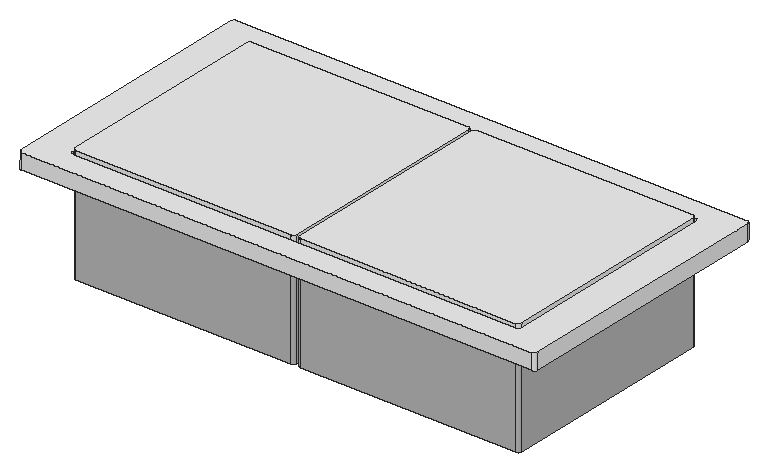
Revit family "Schneider_D-Life_2-elementos", category Electrical Fixtures, host Face, Revit 2015 (continued)
Definition of nested family "Schneider_D-Life_Tecla_Tapa_Tapa-ciega-zumbador"
  Definition of nested family "Schneider_D-Life_Cuerpo-tecla_Tecla-simple_M02"
    Text (mm)
      text "A3D CONSULTING INTEGRATED BIM SOLUTIONS, S.L.\n\nCONTRATO DE LICENCIA DE USUARIO FINAL\n\n\n\n\n\nAVISO A LOS USUARIOS: LEA ATENTAMENTE EL SIGUIENTE CONTRATO ANTES DE CONTINUAR. EL USO DEL CONTENIDO BIM EN FORMATO REVIT QUE SE ACOMPAÑA DEL PRESENTE ACUERDO (\"CONTENIDO BIM A3D CONSULTING\") CONSTITUYE SU ACEPTACIÓN DE ESTOS TÉRMINOS. SI USTED NO ESTÁ DE ACUERDO CON LAS CONDICIONES DE ESTE ACUERDO NO ABRA, ACCEDA DIRECTA O INDIRECTAMENTE, MODIFIQUE,  COPIE NI USE EL CONTENIDO BIM A3D CONSULTING, NI TOTAL NI PARCIALMENTE. EL USO DEL CONTENIDO BIM A3D CONSULTING POR PARTE DEL USUARIO ESTÁ CONDICIONADO AL CUMPLIMIENTO POR EL MISMO DE LOS TÉRMINOS DE ESTE ACUERDO.\n\n\n\n1.\tDEFINICIONES\n\nEste contrato de licencia de usuario final para el Contenido BIM A3D Consulting (“CLUF”) constituye un acuerdo legal entre usted como usuario final (ya sea persona física o entidad legalmente reconocida) (el \"Titular de la licencia\") y A3D CONSULTING INTEGRATED BIM SOLUTIONS, S.L. para el Contenido BIM A3D Consulting que acompaña a este CLUF. El Contenido BIM A3D CONSULTING consiste en uno o varios archivos en formato Autodesk Revit, pudiendo incluir elementos y medios asociados, así como la documentación \"en línea\" o electrónica (\"Contenido BIM A3D Consulting \").\n\n\n\n2.\tCONCESIÓN DE LA LICENCIA\n\nA3D CONSULTING INTEGRATED BIM SOLUTIONS, S.L. le concede una licencia para utilizar y modificar el contenido BIM incluido en una copia de Contenido BIM A3D Consulting.  El \"Titular de la licencia \" designa a la empresa, entidad o persona física, cuyos fondos son utilizados para pagar la cuota de licencia. \"Uso\" designa la copia, el almacenaje, la carga, la instalación o la muestra del Contenido BIM A3D Consulting. En virtud del presente, el Titular de la licencia no puede alquilar, arrendar, ceder, prestar, vender ni sublicenciar el Contenido BIM A3D Consulting a otra persona física, empresa o entidad.\n\n\n\n3.\tPROPIEDAD\n\nA3D CONSULTING INTEGRATED BIM SOLUTIONS, S.L. es el propietario y el titular del copyright del Contenido BIM A3D Consulting. La licencia adquirida no confiere al Titular de la licencia ningún título o propiedad sobre el contenido y no debe interpretarse como una venta de ningún derecho.\n\n\n\n4.\tCOPYRIGHT\n\nEl Contenido BIM A3D Consulting está protegido por las leyes españolas del copyright, las disposiciones de los tratados internacionales y otras leyes aplicables. En virtud del presente, el Titular de la licencia reconoce que no se le transfiere ningún título de la propiedad intelectual de A3D CONSULTING INTEGRATED BIM SOLUTIONS, S.L.. Además, el Titular de la licencia reconoce que el título y todos los derechos de autor sobre el Contenido BIM A3D Consulting seguirán siendo propiedad exclusiva de A3D CONSULTING INTEGRATED BIM SOLUTIONS, S.L. y no adquirirá ningún derecho sobre el Contenido BIM A3D Consulting, a excepción de lo expresamente establecido en esta licencia.\n\n\n\n5.\tRESPONSABILIDAD\n\nEn virtud del presente, el Titular de la licencia acepta que defenderá, indemnizará y eximirá a A3D CONSULTING INTEGRATED BIM SOLUTIONS, S.L. de cualesquiera reclamaciones o responsabilidades derivadas del uso, uso indebido, distribución o ejecución del Contenido BIM A3D Consulting de A3D CONSULTING INTEGRATED BIM SOLUTIONS, S.L., incluyendo las reclamaciones presentadas en contra del Titular de la licencia por el uso de dicho  contenido. Asimismo, el Titular de la licencia acepta eximir de toda responsabilidad y proteger a A3D CONSULTING INTEGRATED BIM SOLUTIONS, S.L. frente a cualquier tipo de demandas civiles, legales o penales. Las cantidades derivadas de dichos procesos, incluyendo resoluciones y costas judiciales, correrán a cargo del Titular de la licencia.\n\n\n\n6.\tGARANTÍA\n\nDurante un periodo de 30 días, a contar a partir de la fecha de entrega del producto, A3D CONSULTING INTEGRATED BIM SOLUTIONS, S.L. garantiza que dicho producto está libre de defectos en los materiales y la mano de obra. En caso de incumplimiento de esta garantía, el Titular de la licencia recibirá como  única compensación el reemplazo del producto. El Contenido BIM A3D Consulting y cualquier documentación relacionada se proporcionan \"tal cual\", sin garantía de ningún tipo, ya sea expresa o implícita, incluyendo, a título enunciativo pero no limitativo, las garantías implícitas o comerciabilidad, la idoneidad para un propósito particular o la inexistencia de infracción. Cualquier riesgo derivado del uso o los resultados del Contenido BIM A3D Consulting correrá a cargo del licenciatario.\n\n\n\n7.\tLEGISLACIÓN APLICABLE\n\nTodos los aspectos del presente Contrato se regirán e interpretarán de conformidad con la legislación vigente en España.\n\n\n\n8.\tENMIENDAS\n\nA3D CONSULTING INTEGRATED BIM SOLUTIONS, S.L. se reserva el derecho de modificar este acuerdo en cualquier momento.\n\n\n\n9.\tAPLICABILIDAD\n\nEn caso de que alguna de las disposiciones de este acuerdo fuera nula o inaplicable, las partes acuerdan que dicha invalidez no afectará a la validez de las disposiciones restantes de este acuerdo.\n\n\n\n- FIN DEL CONTRATO DE LICENCIA DE USUARIO FINAL -\n\nBarcelona / España, 15.02.2015\n\nA3D CONSULTING INTEGRATED BIM SOLUTIONS, S.L." at (2.016, -2, 0), in view "CLUF"
    Dimensions and locks
      equal spacing: plane 4 "Izquierda", plane 3 "Centro (Izquierda/Derecha)", plane 5 "Derecha"
      "Longitud": plane 4 "Izquierda" to plane 5 "Derecha"
      equal spacing: plane 7 "Frontal", plane 1 "Centro (Frontal/Posterior)", plane 6 "Posterior"
      "Anchura": plane 7 "Frontal" to plane 6 "Posterior"
      "Juntas.Desfase": plane 7 "Frontal" to plane 10 "Tecla.Frontal"
      "Juntas.Desfase": plane 6 "Posterior" to plane 11 "Tecla.Posterior"
      "Juntas.Desfase": plane 4 "Izquierda" to plane 8 "Tecla.Izquierda"
      "Juntas.Desfase": plane 9 "Tecla.Derecha" to plane 5 "Derecha"
      "Espesor": plane 12 "Tapa.Superior" to plane 2
      "Cuerpo.Redondeo": plane 8 "Tecla.Izquierda" to Sweep 2 sketch curve
      "Cuerpo.Redondeo": plane 11 "Tecla.Posterior" to Sweep 2 sketch curve
      "Cuerpo.Redondeo": Sweep 3 sketch curve to plane 9 "Tecla.Derecha"
      "Cuerpo.Redondeo": plane 11 "Tecla.Posterior" to Sweep 3 sketch curve
      "Cuerpo.Redondeo": plane 8 "Tecla.Izquierda" to Sweep 4 sketch curve
      "Cuerpo.Redondeo": Sweep 4 sketch curve to plane 10 "Tecla.Frontal"
      "Cuerpo.Redondeo": Sweep 5 sketch curve to plane 10 "Tecla.Frontal"
      "Cuerpo.Redondeo": Sweep 5 sketch curve to plane 9 "Tecla.Derecha"
      "Cuerpo.Redondeo": radius of Sweep 2 sketch curve
      "Cuerpo.Redondeo": radius of Sweep 3 sketch curve
      "Cuerpo.Redondeo": radius of Sweep 4 sketch curve
      "Cuerpo.Redondeo": radius of Sweep 5 sketch curve
      aligned and locked: level to plane 2
      aligned and locked: plane 9 "Tecla.Derecha" to Sweep 1 sketch curve
      aligned and locked: plane 1 "Centro (Frontal/Posterior)" to Sweep 1 sketch curve
      aligned and locked: plane 2 to Sweep 1 sketch curve
      aligned and locked: Sweep 1 sketch curve to plane 11 "Tecla.Posterior"
      aligned and locked: plane 10 "Tecla.Frontal" to Sweep 1 sketch curve
      aligned and locked: plane 12 "Tapa.Superior" to Sweep 1 sketch curve
      aligned and locked: plane 2 to Sweep 2 sketch curve
      aligned and locked: Sweep 2 sketch curve to plane 8 "Tecla.Izquierda"
      aligned and locked: plane 8 "Tecla.Izquierda" to Sweep 2 sketch curve
      aligned and locked: Sweep 2 sketch curve to plane 11 "Tecla.Posterior"
      aligned and locked: Sweep 3 sketch curve to plane 9 "Tecla.Derecha"
      aligned and locked: plane 2 to Sweep 3 sketch curve
      aligned and locked: plane 11 "Tecla.Posterior" to Sweep 3 sketch curve
      aligned and locked: plane 9 "Tecla.Derecha" to Sweep 3 sketch curve
      aligned and locked: plane 2 to Sweep 4 sketch curve
      aligned and locked: Sweep 4 sketch curve to plane 8 "Tecla.Izquierda"  (x2)
      aligned and locked: plane 2 to Sweep 5 sketch curve
      aligned and locked: Sweep 5 sketch curve to plane 9 "Tecla.Derecha"  (x2)
      aligned and locked: Sweep 4 sketch curve to plane 10 "Tecla.Frontal"
      aligned and locked: plane 10 "Tecla.Frontal" to Sweep 5 sketch curve
      aligned and locked: plane 8 "Tecla.Izquierda" to Sweep 1 sketch curve
      aligned and locked: Sweep 1 sketch curve to plane 12 "Tapa.Superior"
      aligned and locked: plane 12 "Tapa.Superior" to Sweep 5 sketch curve
      aligned and locked: plane 12 "Tapa.Superior" to Sweep 3 sketch curve
      aligned and locked: plane 12 "Tapa.Superior" to Sweep 4 sketch curve
      aligned and locked: plane 12 "Tapa.Superior" to Sweep 2 sketch curve
